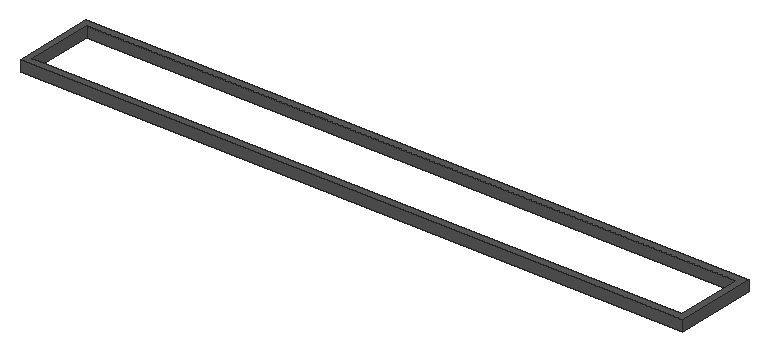
Revit family "FU_Frame_LAP0045", category Furniture, Revit 2022
Family settings
  OmniClass Number = 23.40.20.00
  OmniClass Title = General Furniture and Specialties
  Work Plane-Based = No
  Always vertical = Yes
  Cut with Voids When Loaded = No
  Render Appearance Source = Family Geometry
  Shared = No
  Room Calculation Point = No
Parameters (values of type "LAP0045")
  Width = 3090 mm
  URL = "https://www.sandlerseating.com/product/lapse-0045-2/"
  Model = "LAP0045"
  Manufacturer = "Sandler"
  Height = 50 mm
  Frame [instance] = Epoxy - M1_B00 - Black
  Description = "4.5-seat frame in the Lapse modular seating range that can be customized with a variety of modular elements and epoxy finishes."
  Depth = 380 mm
  Default Elevation = 0 mm
Reference planes
  plane 1 "Center (Front/Back)": y = 0
  plane 2: z = 0
  plane 3 "Center (Left/Right)": x = 0
  plane 4 "Right": x = -1545
  plane 5 "Left": x = 1545
  plane 6 "Back": y = 190
  plane 7 "Front": y = -190
  plane 8 "Height": z = 333
  plane 9 "Frame Base": z = 283
  plane 10 "Frame Inner Right": x = -1515
  plane 11 "Frame Inner Back": y = 160
  plane 12 "Frame Inner Left": x = 1515
  plane 13 "Frame Inner Front": y = -160
Forms (mm)
  Extrusion 1, solid, material "Epoxy - M1_B00 - Black" <- "Frame"
    sketch origin (0, 0, 283) x (-1, 0, 0) y (0, -1, 0)
      loop
        line (1545, -190) -> (1545, 190) -> (-1545, 190) -> (-1545, -190) -> (1545, -190)
      loop
        line (1515, -160) -> (1515, 160) -> (-1515, 160) -> (-1515, -160) -> (1515, -160)
    from 0 to 50
Dimensions and locks
  equal spacing: plane 4 "Right", plane 3 "Center (Left/Right)", plane 5 "Left"
  "Width": plane 4 "Right" to plane 5 "Left"
  equal spacing: plane 6 "Back", plane 1 "Center (Front/Back)", plane 7 "Front"
  "Depth": plane 6 "Back" to plane 7 "Front"
  plane 8 "Height" to level = 333 mm
  "Height": plane 8 "Height" to plane 9 "Frame Base"
  locked: plane 13 "Frame Inner Front" to plane 7 "Front" at 30
  locked: plane 4 "Right" to plane 10 "Frame Inner Right" at 30
  locked: plane 12 "Frame Inner Left" to plane 5 "Left" at 30
  locked: plane 6 "Back" to plane 11 "Frame Inner Back" at 30
  aligned and locked: Extrusion 1 sketch curve to plane 6 "Back"
  aligned and locked: Extrusion 1 sketch curve to plane 4 "Right"
  aligned and locked: plane 7 "Front" to Extrusion 1 sketch curve
  aligned and locked: plane 5 "Left" to Extrusion 1 sketch curve
  aligned and locked: Extrusion 1 sketch curve to plane 11 "Frame Inner Back"
  aligned and locked: plane 10 "Frame Inner Right" to Extrusion 1 sketch curve
  aligned and locked: Extrusion 1 sketch curve to plane 13 "Frame Inner Front"
  aligned and locked: plane 12 "Frame Inner Left" to Extrusion 1 sketch curve
  aligned and locked: Extrusion 1 to plane 8 "Height"  (x4)
  aligned and locked: Extrusion 1 to plane 9 "Frame Base"
  aligned and locked: plane 9 "Frame Base" to Extrusion 1  (x2)
